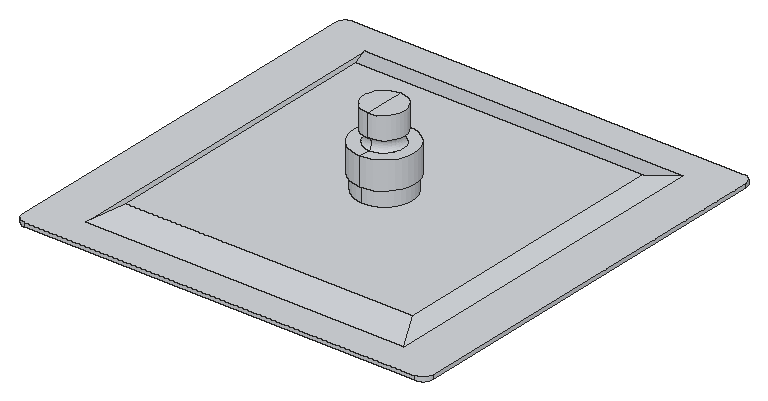
Revit family "BRG-GRF-DCH_ Briggs Reg. Cuad. Slim Inox Cr 20 cm", category Aparatos sanitarios, Revit 2020
Family settings
  Cota de conector redondo = Diámetro de uso
  Tipo de pieza = Normal
  Número OmniClass = 23.45.00.00
  Título OmniClass = Sanitary, Laundry, and Cleaning Equipment
  Se basa en plano de trabajo = No
  Siempre vertical = Sí
  Corte con vacíos al cargar = No
  Compartido = Sí
  Punto de cálculo de habitación = Sí
Parameters (values of type "Briggs Reg. Cuad. Slim Inox Cr 20 cm")
  _EDESA_ Sku/código = "SG0081013061CW"
  _EDESA_ Materiales = "Latón"
  _EDESA_ Garantía = "De por vida para el cuerpo principal y acabado en cromo (306)"
  _EDESA_ Cumple normativa ADA = ""
  _EDESA_ Contacto comercial = "(02) 395 2900"
  _EDESA_ Conexión hidráulica = "Entrada de agua: tubería ø 1/2\""
  _EDESA_ Certificación = "Cumple con norma NTE - INEN 3123 basada en la norma ASME 112.18.1 - 2012."
  _EDESA_ Productos necesarios para instalación = "Brazo de ducha"
  _EDESA_ Productos incluídos = ""
  _EDESA_ Color = "cromo"
  _EDESA_ Descripción = "Regadera de ducha"
  _EDESA_ Peso en kg = "1.8 kg"
  _EDESA_ Consumo/capacidad de agua en L = "9.5 litros por minuto / 2.5 gpm"
  _EDESA_ Distancia de instalación en cm (muro terminado) = "0"
  _EDESA_ Tipo de instalación = "Con brazo de ducha"
  _EDESA_ Profundidad en cm = "20"
  _EDESA_ Categoría = "Productos > Grifería > Ducha"
  _EDESA_ BIM Manager = "Arq. Milton Ruano"
  _EDESA_ Autor BIM = "www.bimplus.com.ec (bimplus.arquitectura.integrada@gmail.com)"
  _EDESA_ Ancho en cm = "20"
  _EDESA_ Alto en cm = "5.8"
  _EDESA_ Manual de Instalación = "https://www.briggs.com.ec/productos/instructivos/Briggs/Griferia/Regaderas_slim.pdf"
  _EDESA_ Nombre = "REGADERA CUADRADA SLIM 20 CM X 20 CM"
  _ALT_Eje instalación = 0.60 m
  _ALT_Basamento = 0.85 m
  URL = "https://www.briggs.com.ec/productos/fichastecnicaspdf/Briggs/Griferia/Regadera_cuadrada_slim_20_x_20.pdf"
  Modelo = "Briggs Reg. Cuad. Slim Inox Cr 20 cm"
  Imagen de tipo = <Ninguno>
  Fabricante = "BRIGGS Ecuador"
  Elevación por defecto = 0.00 m
  Conexión de ventilación = yes
  Conexión de residuos = yes
  Conexión AF = yes
  Conexión AC = yes
Reference planes (m)
  plane 1 "Centro (Frontal/Posterior)": y = 0
  plane 2: z = 0
  plane 3 "Centro (Izquierda/Derecha)": x = 0
Dimensions and locks (m)
  aligned and locked: level to plane 2
  aligned and locked: plane 3 "Centro (Izquierda/Derecha)" to nested 1
  aligned and locked: plane 1 "Centro (Frontal/Posterior)" to nested 1
Nested families (m)
  nested 1: "REJILLA" at (0, 0, 0), type "REJILLA"
Connectors (m)
  piping at (0, 0, 0), diameter 0.0127
    settings: on nested 1, index 1, connector inside diameter 609.6 mm, connector length 0.00 m, flow factor 0, pipe flow 0.0 L/s, pressure drop 0.0 Pa, fitting loss kfactor 0, connector angle 0.00°, fixture units 0, engagement length 0.00 m, angle of deflection 0.00°, flow configuration 0, flow direction 1, fitting loss method 0, system type 7, joint type 0, gender type 0, connector reference index -1, connector utility 0, adjustable connector no, is connector primary yes, connector description ""
Definition of nested family "REJILLA"
  Parameters (values of type "REJILLA")
    _EDESA_tipo genérico = "Inodoro"
    _EDESA_URL de ficha técnica = "https://edesa.com.ec/productos/fichastecnicaspdf/Edesa/Sanitarios/Andes.pdf"
    _EDESA_Imagen = 0
    _EDESA_Fábrica nacional = "EDESA Ecuador"
    _EDESA_Código de producto = "JS0022641301CE"
    _EDESA_ Tolerancia dimensional = "± 3% > 20 cm ± 5% < 20 cm"
    _EDESA_ Tipo de montaje / instalación = "30.5 cm"
    _EDESA_ Superficie del agua = "15.5 cm x 18.8 cm"
    _EDESA_ SKU = "JS0022641301CE"
    _EDESA_ Material secundario = "Plástico blanco"
    _EDESA_ Material principal = "Porcelana tono verde mist"
    _EDESA_ Altura = 72.80 m
    _EDESA_ Peso = "23.20 Kg"
    _EDESA_ Nivel mínimo del agua del tanque = "17.5 cm"
    _EDESA_ Largo = 67.50 m
    _EDESA_ Espesor mínimo = "0.6 cm"
    _EDESA_ Diámetro trampa = "4.8 cm"
    _EDESA_ Color = "Blanco"
    _EDESA_ Categoria = "Two pieces"
    _EDESA_ Capacidad / consumo de agua = "4.8 litros"
    _EDESA_ Ancho = 36.50 m
    _EDESA_ Altura de sello = "N/A"
    _ALT_Toma = 0.60 m
    _ALT_Meson = 0.85 m
    URL = "https://edesa.com.ec/productos/fichastecnicaspdf/Edesa/Sanitarios/Andes.pdf"
    Model = "_Edesa_ INODORO ANDES C/A BLANCO"
    Type Image = element 402100
    Manufacturer = "EDESA Ecuador"
    Default Elevation = 0.00 m
    Vent Connection = no
    Waste Connection = no
    CW Connection = no
    HW Connection = no
  Reference planes (m)
    plane 1 "Centro (Frontal/Posterior)": y = 0
    plane 2: z = 0
    plane 3 "Centro (Izquierda/Derecha)": x = 0
    plane 4 "_Alt_Altura de Meson": z = 0.85
    plane 5 "Centro I/E": z = 0.946565
    plane 6 "_RP_Eje": z = 0.6
  Forms (m)
    Revolve 1, solid
      sketch origin (0, 0, 0) x (0, 1, 0) y (0, 0, 1)
        loop
          line (0.013502, -0.041) -> (0.013502, -0.030134) -> (0.014708, -0.030134) -> (0.014708, -0.01672) -> (0.008975, -0.01672)
          arc (0.008975, -0.01672) -> (0.007666, -0.01346) -> (0.009885, -0.010736) r 0.003459
          line (0.009885, -0.010736) -> (0.009885, 0) -> (0, 0) -> (0, -0.041) -> (0.013502, -0.041)
        axis (0, -0.041) -> (0, 0)
      angle from 0 to 360
    Extrusion 2, solid
      sketch origin (0, 0, 0) x (1, 0, 0) y (0, 1, 0)
        loop
          arc (-0.1, -0.095) -> (-0.098536, -0.098536) -> (-0.095, -0.1) r 0.005
          line (-0.095, -0.1) -> (0.095, -0.1)
          arc (0.095, -0.1) -> (0.098536, -0.098536) -> (0.1, -0.095) r 0.005
          line (0.1, -0.095) -> (0.1, 0.095)
          arc (0.1, 0.095) -> (0.098536, 0.098536) -> (0.095, 0.1) r 0.005
          line (0.095, 0.1) -> (-0.095, 0.1)
          arc (-0.095, 0.1) -> (-0.098536, 0.098536) -> (-0.1, 0.095) r 0.005
          line (-0.1, 0.095) -> (-0.1, -0.095)
      from -0.04364 to -0.04164
    SweptBlend 3, solid
      path origin (0, 0, 0) x (0, 1, 0) y (0, 0, 1)
        loop
          line (0, -0.04164) -> (0, -0.03764)
      profile origin (0, 0, -0.04164) x (0, -1, 0) y (1, 0, 0)
        loop
          line (0.085, 0.0775) -> (-0.085, 0.0775) -> (-0.085, -0.0775) -> (0.085, -0.0775) -> (0.085, 0.0775)
      end profile origin (0, 0, -0.03764) x (0, -1, 0) y (1, 0, 0)
        loop
          line (0.07, -0.07) -> (0.07, 0.07) -> (-0.07, 0.07) -> (-0.07, -0.07) -> (0.07, -0.07)
    SweptBlend 4, solid, not visible
      path origin (-0.174116, -0.064, 0) x (-1, 0, 0) y (0, 0, 1)
        loop
          line (-0.110116, -0.059) -> (-0.110116, -0.056)
      profile origin (-0.064, -0.064, -0.059) x (1, 0, 0) y (0, 1, 0)
        loop
          circle (0, 0) r 0.0015
      end profile origin (-0.064, -0.064, -0.056) x (1, 0, 0) y (0, 1, 0)
        loop
          circle (0, 0) r 0.003
    SweptBlend 5, solid
      path origin (-0.190534, -0.082792, 0.01236) x (-1, 0, 0) y (0, 0, 1)
        loop
          line (-0.110116, -0.059) -> (-0.110116, -0.056)
      profile origin (-0.080418, -0.082792, -0.04664) x (1, 0, 0) y (0, 1, 0)
        loop
          circle (0, -0.000418) r 0.0015
      end profile origin (-0.080418, -0.082792, -0.04364) x (1, 0, 0) y (0, 1, 0)
        loop
          circle (0, -0.000418) r 0.003418
    SweptBlend 6, solid
      path origin (-0.170534, -0.082792, 0.01236) x (-1, 0, 0) y (0, 0, 1)
        loop
          line (-0.110116, -0.059) -> (-0.110116, -0.056)
      profile origin (-0.060418, -0.082792, -0.04664) x (1, 0, 0) y (0, 1, 0)
        loop
          circle (0, -0.000418) r 0.0015
      end profile origin (-0.060418, -0.082792, -0.04364) x (1, 0, 0) y (0, 1, 0)
        loop
          circle (0, -0.000418) r 0.003418
    SweptBlend 7, solid
      path origin (-0.150534, -0.082792, 0.01236) x (-1, 0, 0) y (0, 0, 1)
        loop
          line (-0.110116, -0.059) -> (-0.110116, -0.056)
      profile origin (-0.040418, -0.082792, -0.04664) x (1, 0, 0) y (0, 1, 0)
        loop
          circle (0, -0.000418) r 0.0015
      end profile origin (-0.040418, -0.082792, -0.04364) x (1, 0, 0) y (0, 1, 0)
        loop
          circle (0, -0.000418) r 0.003418
    SweptBlend 8, solid
      path origin (-0.130534, -0.082792, 0.01236) x (-1, 0, 0) y (0, 0, 1)
        loop
          line (-0.110116, -0.059) -> (-0.110116, -0.056)
      profile origin (-0.020418, -0.082792, -0.04664) x (1, 0, 0) y (0, 1, 0)
        loop
          circle (0, -0.000418) r 0.0015
      end profile origin (-0.020418, -0.082792, -0.04364) x (1, 0, 0) y (0, 1, 0)
        loop
          circle (0, -0.000418) r 0.003418
    SweptBlend 9, solid
      path origin (-0.110534, -0.082792, 0.01236) x (-1, 0, 0) y (0, 0, 1)
        loop
          line (-0.110116, -0.059) -> (-0.110116, -0.056)
      profile origin (-0.000418, -0.082792, -0.04664) x (1, 0, 0) y (0, 1, 0)
        loop
          circle (0, -0.000418) r 0.0015
      end profile origin (-0.000418, -0.082792, -0.04364) x (1, 0, 0) y (0, 1, 0)
        loop
          circle (0, -0.000418) r 0.003418
    SweptBlend 10, solid
      path origin (-0.090534, -0.082792, 0.01236) x (-1, 0, 0) y (0, 0, 1)
        loop
          line (-0.110116, -0.059) -> (-0.110116, -0.056)
      profile origin (0.019582, -0.082792, -0.04664) x (1, 0, 0) y (0, 1, 0)
        loop
          circle (0, -0.000418) r 0.0015
      end profile origin (0.019582, -0.082792, -0.04364) x (1, 0, 0) y (0, 1, 0)
        loop
          circle (0, -0.000418) r 0.003418
    SweptBlend 11, solid
      path origin (-0.070534, -0.082792, 0.01236) x (-1, 0, 0) y (0, 0, 1)
        loop
          line (-0.110116, -0.059) -> (-0.110116, -0.056)
      profile origin (0.039582, -0.082792, -0.04664) x (1, 0, 0) y (0, 1, 0)
        loop
          circle (0, -0.000418) r 0.0015
      end profile origin (0.039582, -0.082792, -0.04364) x (1, 0, 0) y (0, 1, 0)
        loop
          circle (0, -0.000418) r 0.003418
    SweptBlend 12, solid
      path origin (-0.050534, -0.082792, 0.01236) x (-1, 0, 0) y (0, 0, 1)
        loop
          line (-0.110116, -0.059) -> (-0.110116, -0.056)
      profile origin (0.059582, -0.082792, -0.04664) x (1, 0, 0) y (0, 1, 0)
        loop
          circle (0, -0.000418) r 0.0015
      end profile origin (0.059582, -0.082792, -0.04364) x (1, 0, 0) y (0, 1, 0)
        loop
          circle (0, -0.000418) r 0.003418
    SweptBlend 13, solid
      path origin (-0.030534, -0.082792, 0.01236) x (-1, 0, 0) y (0, 0, 1)
        loop
          line (-0.110116, -0.059) -> (-0.110116, -0.056)
      profile origin (0.079582, -0.082792, -0.04664) x (1, 0, 0) y (0, 1, 0)
        loop
          circle (0, -0.000418) r 0.0015
      end profile origin (0.079582, -0.082792, -0.04364) x (1, 0, 0) y (0, 1, 0)
        loop
          circle (0, -0.000418) r 0.003418
    SweptBlend 14, solid
      path origin (-0.190534, -0.062792, 0.01236) x (-1, 0, 0) y (0, 0, 1)
        loop
          line (-0.110116, -0.059) -> (-0.110116, -0.056)
      profile origin (-0.080418, -0.062792, -0.04664) x (1, 0, 0) y (0, 1, 0)
        loop
          circle (0, -0.000418) r 0.0015
      end profile origin (-0.080418, -0.062792, -0.04364) x (1, 0, 0) y (0, 1, 0)
        loop
          circle (0, -0.000418) r 0.003418
    SweptBlend 15, solid
      path origin (-0.170534, -0.062792, 0.01236) x (-1, 0, 0) y (0, 0, 1)
        loop
          line (-0.110116, -0.059) -> (-0.110116, -0.056)
      profile origin (-0.060418, -0.062792, -0.04664) x (1, 0, 0) y (0, 1, 0)
        loop
          circle (0, -0.000418) r 0.0015
      end profile origin (-0.060418, -0.062792, -0.04364) x (1, 0, 0) y (0, 1, 0)
        loop
          circle (0, -0.000418) r 0.003418
    SweptBlend 16, solid
      path origin (-0.150534, -0.062792, 0.01236) x (-1, 0, 0) y (0, 0, 1)
        loop
          line (-0.110116, -0.059) -> (-0.110116, -0.056)
      profile origin (-0.040418, -0.062792, -0.04664) x (1, 0, 0) y (0, 1, 0)
        loop
          circle (0, -0.000418) r 0.0015
      end profile origin (-0.040418, -0.062792, -0.04364) x (1, 0, 0) y (0, 1, 0)
        loop
          circle (0, -0.000418) r 0.003418
    SweptBlend 17, solid
      path origin (-0.130534, -0.062792, 0.01236) x (-1, 0, 0) y (0, 0, 1)
        loop
          line (-0.110116, -0.059) -> (-0.110116, -0.056)
      profile origin (-0.020418, -0.062792, -0.04664) x (1, 0, 0) y (0, 1, 0)
        loop
          circle (0, -0.000418) r 0.0015
      end profile origin (-0.020418, -0.062792, -0.04364) x (1, 0, 0) y (0, 1, 0)
        loop
          circle (0, -0.000418) r 0.003418
    SweptBlend 18, solid
      path origin (-0.110534, -0.062792, 0.01236) x (-1, 0, 0) y (0, 0, 1)
        loop
          line (-0.110116, -0.059) -> (-0.110116, -0.056)
      profile origin (-0.000418, -0.062792, -0.04664) x (1, 0, 0) y (0, 1, 0)
        loop
          circle (0, -0.000418) r 0.0015
      end profile origin (-0.000418, -0.062792, -0.04364) x (1, 0, 0) y (0, 1, 0)
        loop
          circle (0, -0.000418) r 0.003418
    SweptBlend 19, solid
      path origin (-0.090534, -0.062792, 0.01236) x (-1, 0, 0) y (0, 0, 1)
        loop
          line (-0.110116, -0.059) -> (-0.110116, -0.056)
      profile origin (0.019582, -0.062792, -0.04664) x (1, 0, 0) y (0, 1, 0)
        loop
          circle (0, -0.000418) r 0.0015
      end profile origin (0.019582, -0.062792, -0.04364) x (1, 0, 0) y (0, 1, 0)
        loop
          circle (0, -0.000418) r 0.003418
    SweptBlend 20, solid
      path origin (-0.070534, -0.062792, 0.01236) x (-1, 0, 0) y (0, 0, 1)
        loop
          line (-0.110116, -0.059) -> (-0.110116, -0.056)
      profile origin (0.039582, -0.062792, -0.04664) x (1, 0, 0) y (0, 1, 0)
        loop
          circle (0, -0.000418) r 0.0015
      end profile origin (0.039582, -0.062792, -0.04364) x (1, 0, 0) y (0, 1, 0)
        loop
          circle (0, -0.000418) r 0.003418
    SweptBlend 21, solid
      path origin (-0.050534, -0.062792, 0.01236) x (-1, 0, 0) y (0, 0, 1)
        loop
          line (-0.110116, -0.059) -> (-0.110116, -0.056)
      profile origin (0.059582, -0.062792, -0.04664) x (1, 0, 0) y (0, 1, 0)
        loop
          circle (0, -0.000418) r 0.0015
      end profile origin (0.059582, -0.062792, -0.04364) x (1, 0, 0) y (0, 1, 0)
        loop
          circle (0, -0.000418) r 0.003418
    SweptBlend 22, solid
      path origin (-0.030534, -0.062792, 0.01236) x (-1, 0, 0) y (0, 0, 1)
        loop
          line (-0.110116, -0.059) -> (-0.110116, -0.056)
      profile origin (0.079582, -0.062792, -0.04664) x (1, 0, 0) y (0, 1, 0)
        loop
          circle (0, -0.000418) r 0.0015
      end profile origin (0.079582, -0.062792, -0.04364) x (1, 0, 0) y (0, 1, 0)
        loop
          circle (0, -0.000418) r 0.003418
    SweptBlend 23, solid
      path origin (-0.190534, -0.042792, 0.01236) x (-1, 0, 0) y (0, 0, 1)
        loop
          line (-0.110116, -0.059) -> (-0.110116, -0.056)
      profile origin (-0.080418, -0.042792, -0.04664) x (1, 0, 0) y (0, 1, 0)
        loop
          circle (0, -0.000418) r 0.0015
      end profile origin (-0.080418, -0.042792, -0.04364) x (1, 0, 0) y (0, 1, 0)
        loop
          circle (0, -0.000418) r 0.003418
    SweptBlend 24, solid
      path origin (-0.170534, -0.042792, 0.01236) x (-1, 0, 0) y (0, 0, 1)
        loop
          line (-0.110116, -0.059) -> (-0.110116, -0.056)
      profile origin (-0.060418, -0.042792, -0.04664) x (1, 0, 0) y (0, 1, 0)
        loop
          circle (0, -0.000418) r 0.0015
      end profile origin (-0.060418, -0.042792, -0.04364) x (1, 0, 0) y (0, 1, 0)
        loop
          circle (0, -0.000418) r 0.003418
    SweptBlend 25, solid
      path origin (-0.150534, -0.042792, 0.01236) x (-1, 0, 0) y (0, 0, 1)
        loop
          line (-0.110116, -0.059) -> (-0.110116, -0.056)
      profile origin (-0.040418, -0.042792, -0.04664) x (1, 0, 0) y (0, 1, 0)
        loop
          circle (0, -0.000418) r 0.0015
      end profile origin (-0.040418, -0.042792, -0.04364) x (1, 0, 0) y (0, 1, 0)
        loop
          circle (0, -0.000418) r 0.003418
    SweptBlend 26, solid
      path origin (-0.130534, -0.042792, 0.01236) x (-1, 0, 0) y (0, 0, 1)
        loop
          line (-0.110116, -0.059) -> (-0.110116, -0.056)
      profile origin (-0.020418, -0.042792, -0.04664) x (1, 0, 0) y (0, 1, 0)
        loop
          circle (0, -0.000418) r 0.0015
      end profile origin (-0.020418, -0.042792, -0.04364) x (1, 0, 0) y (0, 1, 0)
        loop
          circle (0, -0.000418) r 0.003418
    SweptBlend 27, solid
      path origin (-0.110534, -0.042792, 0.01236) x (-1, 0, 0) y (0, 0, 1)
        loop
          line (-0.110116, -0.059) -> (-0.110116, -0.056)
      profile origin (-0.000418, -0.042792, -0.04664) x (1, 0, 0) y (0, 1, 0)
        loop
          circle (0, -0.000418) r 0.0015
      end profile origin (-0.000418, -0.042792, -0.04364) x (1, 0, 0) y (0, 1, 0)
        loop
          circle (0, -0.000418) r 0.003418
    SweptBlend 28, solid
      path origin (-0.090534, -0.042792, 0.01236) x (-1, 0, 0) y (0, 0, 1)
        loop
          line (-0.110116, -0.059) -> (-0.110116, -0.056)
      profile origin (0.019582, -0.042792, -0.04664) x (1, 0, 0) y (0, 1, 0)
        loop
          circle (0, -0.000418) r 0.0015
      end profile origin (0.019582, -0.042792, -0.04364) x (1, 0, 0) y (0, 1, 0)
        loop
          circle (0, -0.000418) r 0.003418
    SweptBlend 29, solid
      path origin (-0.070534, -0.042792, 0.01236) x (-1, 0, 0) y (0, 0, 1)
        loop
          line (-0.110116, -0.059) -> (-0.110116, -0.056)
      profile origin (0.039582, -0.042792, -0.04664) x (1, 0, 0) y (0, 1, 0)
        loop
          circle (0, -0.000418) r 0.0015
      end profile origin (0.039582, -0.042792, -0.04364) x (1, 0, 0) y (0, 1, 0)
        loop
          circle (0, -0.000418) r 0.003418
    SweptBlend 30, solid
      path origin (-0.050534, -0.042792, 0.01236) x (-1, 0, 0) y (0, 0, 1)
        loop
          line (-0.110116, -0.059) -> (-0.110116, -0.056)
      profile origin (0.059582, -0.042792, -0.04664) x (1, 0, 0) y (0, 1, 0)
        loop
          circle (0, -0.000418) r 0.0015
      end profile origin (0.059582, -0.042792, -0.04364) x (1, 0, 0) y (0, 1, 0)
        loop
          circle (0, -0.000418) r 0.003418
    SweptBlend 31, solid
      path origin (-0.030534, -0.042792, 0.01236) x (-1, 0, 0) y (0, 0, 1)
        loop
          line (-0.110116, -0.059) -> (-0.110116, -0.056)
      profile origin (0.079582, -0.042792, -0.04664) x (1, 0, 0) y (0, 1, 0)
        loop
          circle (0, -0.000418) r 0.0015
      end profile origin (0.079582, -0.042792, -0.04364) x (1, 0, 0) y (0, 1, 0)
        loop
          circle (0, -0.000418) r 0.003418
    SweptBlend 32, solid
      path origin (-0.190534, -0.022792, 0.01236) x (-1, 0, 0) y (0, 0, 1)
        loop
          line (-0.110116, -0.059) -> (-0.110116, -0.056)
      profile origin (-0.080418, -0.022792, -0.04664) x (1, 0, 0) y (0, 1, 0)
        loop
          circle (0, -0.000418) r 0.0015
      end profile origin (-0.080418, -0.022792, -0.04364) x (1, 0, 0) y (0, 1, 0)
        loop
          circle (0, -0.000418) r 0.003418
    SweptBlend 33, solid
      path origin (-0.170534, -0.022792, 0.01236) x (-1, 0, 0) y (0, 0, 1)
        loop
          line (-0.110116, -0.059) -> (-0.110116, -0.056)
      profile origin (-0.060418, -0.022792, -0.04664) x (1, 0, 0) y (0, 1, 0)
        loop
          circle (0, -0.000418) r 0.0015
      end profile origin (-0.060418, -0.022792, -0.04364) x (1, 0, 0) y (0, 1, 0)
        loop
          circle (0, -0.000418) r 0.003418
    SweptBlend 34, solid
      path origin (-0.150534, -0.022792, 0.01236) x (-1, 0, 0) y (0, 0, 1)
        loop
          line (-0.110116, -0.059) -> (-0.110116, -0.056)
      profile origin (-0.040418, -0.022792, -0.04664) x (1, 0, 0) y (0, 1, 0)
        loop
          circle (0, -0.000418) r 0.0015
      end profile origin (-0.040418, -0.022792, -0.04364) x (1, 0, 0) y (0, 1, 0)
        loop
          circle (0, -0.000418) r 0.003418
    SweptBlend 35, solid
      path origin (-0.130534, -0.022792, 0.01236) x (-1, 0, 0) y (0, 0, 1)
        loop
          line (-0.110116, -0.059) -> (-0.110116, -0.056)
      profile origin (-0.020418, -0.022792, -0.04664) x (1, 0, 0) y (0, 1, 0)
        loop
          circle (0, -0.000418) r 0.0015
      end profile origin (-0.020418, -0.022792, -0.04364) x (1, 0, 0) y (0, 1, 0)
        loop
          circle (0, -0.000418) r 0.003418
    SweptBlend 36, solid
      path origin (-0.110534, -0.022792, 0.01236) x (-1, 0, 0) y (0, 0, 1)
        loop
          line (-0.110116, -0.059) -> (-0.110116, -0.056)
      profile origin (-0.000418, -0.022792, -0.04664) x (1, 0, 0) y (0, 1, 0)
        loop
          circle (0, -0.000418) r 0.0015
      end profile origin (-0.000418, -0.022792, -0.04364) x (1, 0, 0) y (0, 1, 0)
        loop
          circle (0, -0.000418) r 0.003418
    SweptBlend 37, solid
      path origin (-0.090534, -0.022792, 0.01236) x (-1, 0, 0) y (0, 0, 1)
        loop
          line (-0.110116, -0.059) -> (-0.110116, -0.056)
      profile origin (0.019582, -0.022792, -0.04664) x (1, 0, 0) y (0, 1, 0)
        loop
          circle (0, -0.000418) r 0.0015
      end profile origin (0.019582, -0.022792, -0.04364) x (1, 0, 0) y (0, 1, 0)
        loop
          circle (0, -0.000418) r 0.003418
    SweptBlend 38, solid
      path origin (-0.070534, -0.022792, 0.01236) x (-1, 0, 0) y (0, 0, 1)
        loop
          line (-0.110116, -0.059) -> (-0.110116, -0.056)
      profile origin (0.039582, -0.022792, -0.04664) x (1, 0, 0) y (0, 1, 0)
        loop
          circle (0, -0.000418) r 0.0015
      end profile origin (0.039582, -0.022792, -0.04364) x (1, 0, 0) y (0, 1, 0)
        loop
          circle (0, -0.000418) r 0.003418
    SweptBlend 39, solid
      path origin (-0.050534, -0.022792, 0.01236) x (-1, 0, 0) y (0, 0, 1)
        loop
          line (-0.110116, -0.059) -> (-0.110116, -0.056)
      profile origin (0.059582, -0.022792, -0.04664) x (1, 0, 0) y (0, 1, 0)
        loop
          circle (0, -0.000418) r 0.0015
      end profile origin (0.059582, -0.022792, -0.04364) x (1, 0, 0) y (0, 1, 0)
        loop
          circle (0, -0.000418) r 0.003418
    SweptBlend 40, solid
      path origin (-0.030534, -0.022792, 0.01236) x (-1, 0, 0) y (0, 0, 1)
        loop
          line (-0.110116, -0.059) -> (-0.110116, -0.056)
      profile origin (0.079582, -0.022792, -0.04664) x (1, 0, 0) y (0, 1, 0)
        loop
          circle (0, -0.000418) r 0.0015
      end profile origin (0.079582, -0.022792, -0.04364) x (1, 0, 0) y (0, 1, 0)
        loop
          circle (0, -0.000418) r 0.003418
    SweptBlend 41, solid
      path origin (-0.190534, -0.002792, 0.01236) x (-1, 0, 0) y (0, 0, 1)
        loop
          line (-0.110116, -0.059) -> (-0.110116, -0.056)
      profile origin (-0.080418, -0.002792, -0.04664) x (1, 0, 0) y (0, 1, 0)
        loop
          circle (0, -0.000418) r 0.0015
      end profile origin (-0.080418, -0.002792, -0.04364) x (1, 0, 0) y (0, 1, 0)
        loop
          circle (0, -0.000418) r 0.003418
    SweptBlend 42, solid
      path origin (-0.170534, -0.002792, 0.01236) x (-1, 0, 0) y (0, 0, 1)
        loop
          line (-0.110116, -0.059) -> (-0.110116, -0.056)
      profile origin (-0.060418, -0.002792, -0.04664) x (1, 0, 0) y (0, 1, 0)
        loop
          circle (0, -0.000418) r 0.0015
      end profile origin (-0.060418, -0.002792, -0.04364) x (1, 0, 0) y (0, 1, 0)
        loop
          circle (0, -0.000418) r 0.003418
    SweptBlend 43, solid
      path origin (-0.150534, -0.002792, 0.01236) x (-1, 0, 0) y (0, 0, 1)
        loop
          line (-0.110116, -0.059) -> (-0.110116, -0.056)
      profile origin (-0.040418, -0.002792, -0.04664) x (1, 0, 0) y (0, 1, 0)
        loop
          circle (0, -0.000418) r 0.0015
      end profile origin (-0.040418, -0.002792, -0.04364) x (1, 0, 0) y (0, 1, 0)
        loop
          circle (0, -0.000418) r 0.003418
    SweptBlend 44, solid
      path origin (-0.130534, -0.002792, 0.01236) x (-1, 0, 0) y (0, 0, 1)
        loop
          line (-0.110116, -0.059) -> (-0.110116, -0.056)
      profile origin (-0.020418, -0.002792, -0.04664) x (1, 0, 0) y (0, 1, 0)
        loop
          circle (0, -0.000418) r 0.0015
      end profile origin (-0.020418, -0.002792, -0.04364) x (1, 0, 0) y (0, 1, 0)
        loop
          circle (0, -0.000418) r 0.003418
    SweptBlend 45, solid
      path origin (-0.110534, -0.002792, 0.01236) x (-1, 0, 0) y (0, 0, 1)
        loop
          line (-0.110116, -0.059) -> (-0.110116, -0.056)
      profile origin (-0.000418, -0.002792, -0.04664) x (1, 0, 0) y (0, 1, 0)
        loop
          circle (0, -0.000418) r 0.0015
      end profile origin (-0.000418, -0.002792, -0.04364) x (1, 0, 0) y (0, 1, 0)
        loop
          circle (0, -0.000418) r 0.003418
    SweptBlend 46, solid
      path origin (-0.090534, -0.002792, 0.01236) x (-1, 0, 0) y (0, 0, 1)
        loop
          line (-0.110116, -0.059) -> (-0.110116, -0.056)
      profile origin (0.019582, -0.002792, -0.04664) x (1, 0, 0) y (0, 1, 0)
        loop
          circle (0, -0.000418) r 0.0015
      end profile origin (0.019582, -0.002792, -0.04364) x (1, 0, 0) y (0, 1, 0)
        loop
          circle (0, -0.000418) r 0.003418
    SweptBlend 47, solid
      path origin (-0.070534, -0.002792, 0.01236) x (-1, 0, 0) y (0, 0, 1)
        loop
          line (-0.110116, -0.059) -> (-0.110116, -0.056)
      profile origin (0.039582, -0.002792, -0.04664) x (1, 0, 0) y (0, 1, 0)
        loop
          circle (0, -0.000418) r 0.0015
      end profile origin (0.039582, -0.002792, -0.04364) x (1, 0, 0) y (0, 1, 0)
        loop
          circle (0, -0.000418) r 0.003418
    SweptBlend 48, solid
      path origin (-0.050534, -0.002792, 0.01236) x (-1, 0, 0) y (0, 0, 1)
        loop
          line (-0.110116, -0.059) -> (-0.110116, -0.056)
      profile origin (0.059582, -0.002792, -0.04664) x (1, 0, 0) y (0, 1, 0)
        loop
          circle (0, -0.000418) r 0.0015
      end profile origin (0.059582, -0.002792, -0.04364) x (1, 0, 0) y (0, 1, 0)
        loop
          circle (0, -0.000418) r 0.003418
    SweptBlend 49, solid
      path origin (-0.030534, -0.002792, 0.01236) x (-1, 0, 0) y (0, 0, 1)
        loop
          line (-0.110116, -0.059) -> (-0.110116, -0.056)
      profile origin (0.079582, -0.002792, -0.04664) x (1, 0, 0) y (0, 1, 0)
        loop
          circle (0, -0.000418) r 0.0015
      end profile origin (0.079582, -0.002792, -0.04364) x (1, 0, 0) y (0, 1, 0)
        loop
          circle (0, -0.000418) r 0.003418
    SweptBlend 50, solid
      path origin (-0.190534, 0.017208, 0.01236) x (-1, 0, 0) y (0, 0, 1)
        loop
          line (-0.110116, -0.059) -> (-0.110116, -0.056)
      profile origin (-0.080418, 0.017208, -0.04664) x (1, 0, 0) y (0, 1, 0)
        loop
          circle (0, -0.000418) r 0.0015
      end profile origin (-0.080418, 0.017208, -0.04364) x (1, 0, 0) y (0, 1, 0)
        loop
          circle (0, -0.000418) r 0.003418
    SweptBlend 51, solid
      path origin (-0.170534, 0.017208, 0.01236) x (-1, 0, 0) y (0, 0, 1)
        loop
          line (-0.110116, -0.059) -> (-0.110116, -0.056)
      profile origin (-0.060418, 0.017208, -0.04664) x (1, 0, 0) y (0, 1, 0)
        loop
          circle (0, -0.000418) r 0.0015
      end profile origin (-0.060418, 0.017208, -0.04364) x (1, 0, 0) y (0, 1, 0)
        loop
          circle (0, -0.000418) r 0.003418
    SweptBlend 52, solid
      path origin (-0.150534, 0.017208, 0.01236) x (-1, 0, 0) y (0, 0, 1)
        loop
          line (-0.110116, -0.059) -> (-0.110116, -0.056)
      profile origin (-0.040418, 0.017208, -0.04664) x (1, 0, 0) y (0, 1, 0)
        loop
          circle (0, -0.000418) r 0.0015
      end profile origin (-0.040418, 0.017208, -0.04364) x (1, 0, 0) y (0, 1, 0)
        loop
          circle (0, -0.000418) r 0.003418
    SweptBlend 53, solid
      path origin (-0.130534, 0.017208, 0.01236) x (-1, 0, 0) y (0, 0, 1)
        loop
          line (-0.110116, -0.059) -> (-0.110116, -0.056)
      profile origin (-0.020418, 0.017208, -0.04664) x (1, 0, 0) y (0, 1, 0)
        loop
          circle (0, -0.000418) r 0.0015
      end profile origin (-0.020418, 0.017208, -0.04364) x (1, 0, 0) y (0, 1, 0)
        loop
          circle (0, -0.000418) r 0.003418
    SweptBlend 54, solid
      path origin (-0.110534, 0.017208, 0.01236) x (-1, 0, 0) y (0, 0, 1)
        loop
          line (-0.110116, -0.059) -> (-0.110116, -0.056)
      profile origin (-0.000418, 0.017208, -0.04664) x (1, 0, 0) y (0, 1, 0)
        loop
          circle (0, -0.000418) r 0.0015
      end profile origin (-0.000418, 0.017208, -0.04364) x (1, 0, 0) y (0, 1, 0)
        loop
          circle (0, -0.000418) r 0.003418
    SweptBlend 55, solid
      path origin (-0.090534, 0.017208, 0.01236) x (-1, 0, 0) y (0, 0, 1)
        loop
          line (-0.110116, -0.059) -> (-0.110116, -0.056)
      profile origin (0.019582, 0.017208, -0.04664) x (1, 0, 0) y (0, 1, 0)
        loop
          circle (0, -0.000418) r 0.0015
      end profile origin (0.019582, 0.017208, -0.04364) x (1, 0, 0) y (0, 1, 0)
        loop
          circle (0, -0.000418) r 0.003418
    SweptBlend 56, solid
      path origin (-0.070534, 0.017208, 0.01236) x (-1, 0, 0) y (0, 0, 1)
        loop
          line (-0.110116, -0.059) -> (-0.110116, -0.056)
      profile origin (0.039582, 0.017208, -0.04664) x (1, 0, 0) y (0, 1, 0)
        loop
          circle (0, -0.000418) r 0.0015
      end profile origin (0.039582, 0.017208, -0.04364) x (1, 0, 0) y (0, 1, 0)
        loop
          circle (0, -0.000418) r 0.003418
    SweptBlend 57, solid
      path origin (-0.050534, 0.017208, 0.01236) x (-1, 0, 0) y (0, 0, 1)
        loop
          line (-0.110116, -0.059) -> (-0.110116, -0.056)
      profile origin (0.059582, 0.017208, -0.04664) x (1, 0, 0) y (0, 1, 0)
        loop
          circle (0, -0.000418) r 0.0015
      end profile origin (0.059582, 0.017208, -0.04364) x (1, 0, 0) y (0, 1, 0)
        loop
          circle (0, -0.000418) r 0.003418
    SweptBlend 58, solid
      path origin (-0.030534, 0.017208, 0.01236) x (-1, 0, 0) y (0, 0, 1)
        loop
          line (-0.110116, -0.059) -> (-0.110116, -0.056)
      profile origin (0.079582, 0.017208, -0.04664) x (1, 0, 0) y (0, 1, 0)
        loop
          circle (0, -0.000418) r 0.0015
      end profile origin (0.079582, 0.017208, -0.04364) x (1, 0, 0) y (0, 1, 0)
        loop
          circle (0, -0.000418) r 0.003418
    SweptBlend 59, solid
      path origin (-0.190534, 0.037208, 0.01236) x (-1, 0, 0) y (0, 0, 1)
        loop
          line (-0.110116, -0.059) -> (-0.110116, -0.056)
      profile origin (-0.080418, 0.037208, -0.04664) x (1, 0, 0) y (0, 1, 0)
        loop
          circle (0, -0.000418) r 0.0015
      end profile origin (-0.080418, 0.037208, -0.04364) x (1, 0, 0) y (0, 1, 0)
        loop
          circle (0, -0.000418) r 0.003418
    SweptBlend 60, solid
      path origin (-0.170534, 0.037208, 0.01236) x (-1, 0, 0) y (0, 0, 1)
        loop
          line (-0.110116, -0.059) -> (-0.110116, -0.056)
      profile origin (-0.060418, 0.037208, -0.04664) x (1, 0, 0) y (0, 1, 0)
        loop
          circle (0, -0.000418) r 0.0015
      end profile origin (-0.060418, 0.037208, -0.04364) x (1, 0, 0) y (0, 1, 0)
        loop
          circle (0, -0.000418) r 0.003418
    SweptBlend 61, solid
      path origin (-0.150534, 0.037208, 0.01236) x (-1, 0, 0) y (0, 0, 1)
        loop
          line (-0.110116, -0.059) -> (-0.110116, -0.056)
      profile origin (-0.040418, 0.037208, -0.04664) x (1, 0, 0) y (0, 1, 0)
        loop
          circle (0, -0.000418) r 0.0015
      end profile origin (-0.040418, 0.037208, -0.04364) x (1, 0, 0) y (0, 1, 0)
        loop
          circle (0, -0.000418) r 0.003418
    SweptBlend 62, solid
      path origin (-0.130534, 0.037208, 0.01236) x (-1, 0, 0) y (0, 0, 1)
        loop
          line (-0.110116, -0.059) -> (-0.110116, -0.056)
      profile origin (-0.020418, 0.037208, -0.04664) x (1, 0, 0) y (0, 1, 0)
        loop
          circle (0, -0.000418) r 0.0015
      end profile origin (-0.020418, 0.037208, -0.04364) x (1, 0, 0) y (0, 1, 0)
        loop
          circle (0, -0.000418) r 0.003418
    SweptBlend 63, solid
      path origin (-0.110534, 0.037208, 0.01236) x (-1, 0, 0) y (0, 0, 1)
        loop
          line (-0.110116, -0.059) -> (-0.110116, -0.056)
      profile origin (-0.000418, 0.037208, -0.04664) x (1, 0, 0) y (0, 1, 0)
        loop
          circle (0, -0.000418) r 0.0015
      end profile origin (-0.000418, 0.037208, -0.04364) x (1, 0, 0) y (0, 1, 0)
        loop
          circle (0, -0.000418) r 0.003418
    SweptBlend 64, solid
      path origin (-0.090534, 0.037208, 0.01236) x (-1, 0, 0) y (0, 0, 1)
        loop
          line (-0.110116, -0.059) -> (-0.110116, -0.056)
      profile origin (0.019582, 0.037208, -0.04664) x (1, 0, 0) y (0, 1, 0)
        loop
          circle (0, -0.000418) r 0.0015
      end profile origin (0.019582, 0.037208, -0.04364) x (1, 0, 0) y (0, 1, 0)
        loop
          circle (0, -0.000418) r 0.003418
    SweptBlend 65, solid
      path origin (-0.070534, 0.037208, 0.01236) x (-1, 0, 0) y (0, 0, 1)
        loop
          line (-0.110116, -0.059) -> (-0.110116, -0.056)
      profile origin (0.039582, 0.037208, -0.04664) x (1, 0, 0) y (0, 1, 0)
        loop
          circle (0, -0.000418) r 0.0015
      end profile origin (0.039582, 0.037208, -0.04364) x (1, 0, 0) y (0, 1, 0)
        loop
          circle (0, -0.000418) r 0.003418
    SweptBlend 66, solid
      path origin (-0.050534, 0.037208, 0.01236) x (-1, 0, 0) y (0, 0, 1)
        loop
          line (-0.110116, -0.059) -> (-0.110116, -0.056)
      profile origin (0.059582, 0.037208, -0.04664) x (1, 0, 0) y (0, 1, 0)
        loop
          circle (0, -0.000418) r 0.0015
      end profile origin (0.059582, 0.037208, -0.04364) x (1, 0, 0) y (0, 1, 0)
        loop
          circle (0, -0.000418) r 0.003418
    SweptBlend 67, solid
      path origin (-0.030534, 0.037208, 0.01236) x (-1, 0, 0) y (0, 0, 1)
        loop
          line (-0.110116, -0.059) -> (-0.110116, -0.056)
      profile origin (0.079582, 0.037208, -0.04664) x (1, 0, 0) y (0, 1, 0)
        loop
          circle (0, -0.000418) r 0.0015
      end profile origin (0.079582, 0.037208, -0.04364) x (1, 0, 0) y (0, 1, 0)
        loop
          circle (0, -0.000418) r 0.003418
    SweptBlend 68, solid
      path origin (-0.190534, 0.057208, 0.01236) x (-1, 0, 0) y (0, 0, 1)
        loop
          line (-0.110116, -0.059) -> (-0.110116, -0.056)
      profile origin (-0.080418, 0.057208, -0.04664) x (1, 0, 0) y (0, 1, 0)
        loop
          circle (0, -0.000418) r 0.0015
      end profile origin (-0.080418, 0.057208, -0.04364) x (1, 0, 0) y (0, 1, 0)
        loop
          circle (0, -0.000418) r 0.003418
    SweptBlend 69, solid
      path origin (-0.170534, 0.057208, 0.01236) x (-1, 0, 0) y (0, 0, 1)
        loop
          line (-0.110116, -0.059) -> (-0.110116, -0.056)
      profile origin (-0.060418, 0.057208, -0.04664) x (1, 0, 0) y (0, 1, 0)
        loop
          circle (0, -0.000418) r 0.0015
      end profile origin (-0.060418, 0.057208, -0.04364) x (1, 0, 0) y (0, 1, 0)
        loop
          circle (0, -0.000418) r 0.003418
    SweptBlend 70, solid
      path origin (-0.150534, 0.057208, 0.01236) x (-1, 0, 0) y (0, 0, 1)
        loop
          line (-0.110116, -0.059) -> (-0.110116, -0.056)
      profile origin (-0.040418, 0.057208, -0.04664) x (1, 0, 0) y (0, 1, 0)
        loop
          circle (0, -0.000418) r 0.0015
      end profile origin (-0.040418, 0.057208, -0.04364) x (1, 0, 0) y (0, 1, 0)
        loop
          circle (0, -0.000418) r 0.003418
    SweptBlend 71, solid
      path origin (-0.130534, 0.057208, 0.01236) x (-1, 0, 0) y (0, 0, 1)
        loop
          line (-0.110116, -0.059) -> (-0.110116, -0.056)
      profile origin (-0.020418, 0.057208, -0.04664) x (1, 0, 0) y (0, 1, 0)
        loop
          circle (0, -0.000418) r 0.0015
      end profile origin (-0.020418, 0.057208, -0.04364) x (1, 0, 0) y (0, 1, 0)
        loop
          circle (0, -0.000418) r 0.003418
    SweptBlend 72, solid
      path origin (-0.110534, 0.057208, 0.01236) x (-1, 0, 0) y (0, 0, 1)
        loop
          line (-0.110116, -0.059) -> (-0.110116, -0.056)
      profile origin (-0.000418, 0.057208, -0.04664) x (1, 0, 0) y (0, 1, 0)
        loop
          circle (0, -0.000418) r 0.0015
      end profile origin (-0.000418, 0.057208, -0.04364) x (1, 0, 0) y (0, 1, 0)
        loop
          circle (0, -0.000418) r 0.003418
    SweptBlend 73, solid
      path origin (-0.090534, 0.057208, 0.01236) x (-1, 0, 0) y (0, 0, 1)
        loop
          line (-0.110116, -0.059) -> (-0.110116, -0.056)
      profile origin (0.019582, 0.057208, -0.04664) x (1, 0, 0) y (0, 1, 0)
        loop
          circle (0, -0.000418) r 0.0015
      end profile origin (0.019582, 0.057208, -0.04364) x (1, 0, 0) y (0, 1, 0)
        loop
          circle (0, -0.000418) r 0.003418
    SweptBlend 74, solid
      path origin (-0.070534, 0.057208, 0.01236) x (-1, 0, 0) y (0, 0, 1)
        loop
          line (-0.110116, -0.059) -> (-0.110116, -0.056)
      profile origin (0.039582, 0.057208, -0.04664) x (1, 0, 0) y (0, 1, 0)
        loop
          circle (0, -0.000418) r 0.0015
      end profile origin (0.039582, 0.057208, -0.04364) x (1, 0, 0) y (0, 1, 0)
        loop
          circle (0, -0.000418) r 0.003418
    SweptBlend 75, solid
      path origin (-0.050534, 0.057208, 0.01236) x (-1, 0, 0) y (0, 0, 1)
        loop
          line (-0.110116, -0.059) -> (-0.110116, -0.056)
      profile origin (0.059582, 0.057208, -0.04664) x (1, 0, 0) y (0, 1, 0)
        loop
          circle (0, -0.000418) r 0.0015
      end profile origin (0.059582, 0.057208, -0.04364) x (1, 0, 0) y (0, 1, 0)
        loop
          circle (0, -0.000418) r 0.003418
    SweptBlend 76, solid
      path origin (-0.030534, 0.057208, 0.01236) x (-1, 0, 0) y (0, 0, 1)
        loop
          line (-0.110116, -0.059) -> (-0.110116, -0.056)
      profile origin (0.079582, 0.057208, -0.04664) x (1, 0, 0) y (0, 1, 0)
        loop
          circle (0, -0.000418) r 0.0015
      end profile origin (0.079582, 0.057208, -0.04364) x (1, 0, 0) y (0, 1, 0)
        loop
          circle (0, -0.000418) r 0.003418
    SweptBlend 77, solid
      path origin (-0.190534, 0.077208, 0.01236) x (-1, 0, 0) y (0, 0, 1)
        loop
          line (-0.110116, -0.059) -> (-0.110116, -0.056)
      profile origin (-0.080418, 0.077208, -0.04664) x (1, 0, 0) y (0, 1, 0)
        loop
          circle (0, -0.000418) r 0.0015
      end profile origin (-0.080418, 0.077208, -0.04364) x (1, 0, 0) y (0, 1, 0)
        loop
          circle (0, -0.000418) r 0.003418
    SweptBlend 78, solid
      path origin (-0.170534, 0.077208, 0.01236) x (-1, 0, 0) y (0, 0, 1)
        loop
          line (-0.110116, -0.059) -> (-0.110116, -0.056)
      profile origin (-0.060418, 0.077208, -0.04664) x (1, 0, 0) y (0, 1, 0)
        loop
          circle (0, -0.000418) r 0.0015
      end profile origin (-0.060418, 0.077208, -0.04364) x (1, 0, 0) y (0, 1, 0)
        loop
          circle (0, -0.000418) r 0.003418
    SweptBlend 79, solid
      path origin (-0.150534, 0.077208, 0.01236) x (-1, 0, 0) y (0, 0, 1)
        loop
          line (-0.110116, -0.059) -> (-0.110116, -0.056)
      profile origin (-0.040418, 0.077208, -0.04664) x (1, 0, 0) y (0, 1, 0)
        loop
          circle (0, -0.000418) r 0.0015
      end profile origin (-0.040418, 0.077208, -0.04364) x (1, 0, 0) y (0, 1, 0)
        loop
          circle (0, -0.000418) r 0.003418
    SweptBlend 80, solid
      path origin (-0.130534, 0.077208, 0.01236) x (-1, 0, 0) y (0, 0, 1)
        loop
          line (-0.110116, -0.059) -> (-0.110116, -0.056)
      profile origin (-0.020418, 0.077208, -0.04664) x (1, 0, 0) y (0, 1, 0)
        loop
          circle (0, -0.000418) r 0.0015
      end profile origin (-0.020418, 0.077208, -0.04364) x (1, 0, 0) y (0, 1, 0)
        loop
          circle (0, -0.000418) r 0.003418
    SweptBlend 81, solid
      path origin (-0.110534, 0.077208, 0.01236) x (-1, 0, 0) y (0, 0, 1)
        loop
          line (-0.110116, -0.059) -> (-0.110116, -0.056)
      profile origin (-0.000418, 0.077208, -0.04664) x (1, 0, 0) y (0, 1, 0)
        loop
          circle (0, -0.000418) r 0.0015
      end profile origin (-0.000418, 0.077208, -0.04364) x (1, 0, 0) y (0, 1, 0)
        loop
          circle (0, -0.000418) r 0.003418
    SweptBlend 82, solid
      path origin (-0.090534, 0.077208, 0.01236) x (-1, 0, 0) y (0, 0, 1)
        loop
          line (-0.110116, -0.059) -> (-0.110116, -0.056)
      profile origin (0.019582, 0.077208, -0.04664) x (1, 0, 0) y (0, 1, 0)
        loop
          circle (0, -0.000418) r 0.0015
      end profile origin (0.019582, 0.077208, -0.04364) x (1, 0, 0) y (0, 1, 0)
        loop
          circle (0, -0.000418) r 0.003418
    SweptBlend 83, solid
      path origin (-0.070534, 0.077208, 0.01236) x (-1, 0, 0) y (0, 0, 1)
        loop
          line (-0.110116, -0.059) -> (-0.110116, -0.056)
      profile origin (0.039582, 0.077208, -0.04664) x (1, 0, 0) y (0, 1, 0)
        loop
          circle (0, -0.000418) r 0.0015
      end profile origin (0.039582, 0.077208, -0.04364) x (1, 0, 0) y (0, 1, 0)
        loop
          circle (0, -0.000418) r 0.003418
    SweptBlend 84, solid
      path origin (-0.050534, 0.077208, 0.01236) x (-1, 0, 0) y (0, 0, 1)
        loop
          line (-0.110116, -0.059) -> (-0.110116, -0.056)
      profile origin (0.059582, 0.077208, -0.04664) x (1, 0, 0) y (0, 1, 0)
        loop
          circle (0, -0.000418) r 0.0015
      end profile origin (0.059582, 0.077208, -0.04364) x (1, 0, 0) y (0, 1, 0)
        loop
          circle (0, -0.000418) r 0.003418
    SweptBlend 85, solid
      path origin (-0.030534, 0.077208, 0.01236) x (-1, 0, 0) y (0, 0, 1)
        loop
          line (-0.110116, -0.059) -> (-0.110116, -0.056)
      profile origin (0.079582, 0.077208, -0.04664) x (1, 0, 0) y (0, 1, 0)
        loop
          circle (0, -0.000418) r 0.0015
      end profile origin (0.079582, 0.077208, -0.04364) x (1, 0, 0) y (0, 1, 0)
        loop
          circle (0, -0.000418) r 0.003418
  Dimensions and locks (m)
    plane 4 "_Alt_Altura de Meson" to level = 0.85 m
    "_ALT_Toma": plane 6 "_RP_Eje" to plane 2
    "_ALT_Meson": plane 4 "_Alt_Altura de Meson" to plane 2
    aligned and locked: level to plane 2
  Automatic sketch dimensions
    Revolve 1 sketch curve to plane 1 "Centro (Frontal/Posterior)" = 0.00 m  (x2)
    level to Revolve 1 sketch curve = 0.115 m
    Revolve 1 sketch curve to Revolve 1 sketch curve = 0.05 m
    Extrusion 2 sketch curve to plane 3 "Centro (Izquierda/Derecha)" = 0.10 m
    Extrusion 2 sketch curve to Extrusion 2 sketch curve = 0.005 m  (x4)
    Extrusion 2 sketch curve to plane 1 "Centro (Frontal/Posterior)" = 0.095 m
    plane 3 "Centro (Izquierda/Derecha)" to Extrusion 2 sketch curve = 0.095 m
    plane 1 "Centro (Frontal/Posterior)" to Extrusion 2 sketch curve = 0.095 m
    profile plane to SweptBlend 3 sketch curve = 0.085 m
    SweptBlend 3 sketch curve to profile plane = 0.085 m
    SweptBlend 3 sketch curve to plane 3 "Centro (Izquierda/Derecha)" = 0.0775 m
    plane 3 "Centro (Izquierda/Derecha)" to SweptBlend 3 sketch curve = 0.0775 m
    profile plane to SweptBlend 3 sketch curve = 0.07 m
    plane 3 "Centro (Izquierda/Derecha)" to SweptBlend 3 sketch curve = 0.07 m
    SweptBlend 3 sketch curve to SweptBlend 3 sketch curve = 0.14 m
    SweptBlend 3 sketch curve to plane 3 "Centro (Izquierda/Derecha)" = 0.07 m
    SweptBlend 4 sketch curve to SweptBlend 4 sketch curve = 0.003 m
    SweptBlend 4 sketch curve to profile plane = 0.00 m  (x4)
    SweptBlend 5 sketch curve to SweptBlend 5 sketch curve = 0.003 m
    Revolve 1 sketch curve to level = 0.00 m
    Revolve 1 sketch curve to level = 0.041 m
    Revolve 1 sketch curve to Revolve 1 sketch curve = 0.0012 m
    Revolve 1 sketch curve to level = 0.01398 m
    Revolve 1 sketch curve to Revolve 1 sketch curve = 0.002111 m
    Revolve 1 sketch curve to plane 1 "Centro (Frontal/Posterior)" = 0.008975 m
    Revolve 1 sketch curve to Revolve 1 sketch curve = 0.003623 m
    Revolve 1 sketch curve to Revolve 1 sketch curve = 0.010866 m
    Revolve 1 sketch curve to Revolve 1 sketch curve = 0.004527 m
    Revolve 1 sketch curve to Revolve 1 sketch curve = 0.00274 m
    SweptBlend 3 sketch curve to plane 1 "Centro (Frontal/Posterior)" = 0.00 m
    SweptBlend 3 sketch curve to level = 0.04164 m
    SweptBlend 3 sketch curve to SweptBlend 3 sketch curve = 0.004 m
    SweptBlend 5 sketch curve to profile plane = 0.00 m
    SweptBlend 5 sketch curve to profile plane = 0.000418 m  (x2)
    profile plane to SweptBlend 5 sketch curve = 0.00 m
    SweptBlend 6 sketch curve to SweptBlend 6 sketch curve = 0.003 m
    SweptBlend 6 sketch curve to profile plane = 0.00 m
    SweptBlend 6 sketch curve to profile plane = 0.000418 m  (x2)
    profile plane to SweptBlend 6 sketch curve = 0.00 m
    SweptBlend 7 sketch curve to SweptBlend 7 sketch curve = 0.003 m
    SweptBlend 7 sketch curve to profile plane = 0.00 m
    SweptBlend 7 sketch curve to profile plane = 0.000418 m  (x2)
    profile plane to SweptBlend 7 sketch curve = 0.00 m
    SweptBlend 8 sketch curve to SweptBlend 8 sketch curve = 0.003 m
    SweptBlend 8 sketch curve to profile plane = 0.00 m
    SweptBlend 8 sketch curve to profile plane = 0.000418 m  (x2)
    profile plane to SweptBlend 8 sketch curve = 0.00 m
    SweptBlend 9 sketch curve to SweptBlend 9 sketch curve = 0.003 m
    SweptBlend 9 sketch curve to profile plane = 0.00 m
    SweptBlend 9 sketch curve to profile plane = 0.000418 m  (x2)
    profile plane to SweptBlend 9 sketch curve = 0.00 m
    SweptBlend 10 sketch curve to SweptBlend 10 sketch curve = 0.003 m
    SweptBlend 10 sketch curve to profile plane = 0.00 m
    SweptBlend 10 sketch curve to profile plane = 0.000418 m  (x2)
    profile plane to SweptBlend 10 sketch curve = 0.00 m
    SweptBlend 11 sketch curve to SweptBlend 11 sketch curve = 0.003 m
    SweptBlend 11 sketch curve to profile plane = 0.00 m
    SweptBlend 11 sketch curve to profile plane = 0.000418 m  (x2)
    profile plane to SweptBlend 11 sketch curve = 0.00 m
    SweptBlend 12 sketch curve to SweptBlend 12 sketch curve = 0.003 m
    SweptBlend 12 sketch curve to profile plane = 0.00 m
    SweptBlend 12 sketch curve to profile plane = 0.000418 m  (x2)
    profile plane to SweptBlend 12 sketch curve = 0.00 m
    SweptBlend 13 sketch curve to SweptBlend 13 sketch curve = 0.003 m
    SweptBlend 13 sketch curve to profile plane = 0.00 m
    SweptBlend 13 sketch curve to profile plane = 0.000418 m  (x2)
    profile plane to SweptBlend 13 sketch curve = 0.00 m
    SweptBlend 14 sketch curve to SweptBlend 14 sketch curve = 0.003 m
    SweptBlend 14 sketch curve to profile plane = 0.00 m
    SweptBlend 14 sketch curve to profile plane = 0.000418 m  (x2)
    profile plane to SweptBlend 14 sketch curve = 0.00 m
    SweptBlend 15 sketch curve to SweptBlend 15 sketch curve = 0.003 m
    SweptBlend 15 sketch curve to profile plane = 0.00 m
    SweptBlend 15 sketch curve to profile plane = 0.000418 m  (x2)
    profile plane to SweptBlend 15 sketch curve = 0.00 m
    SweptBlend 16 sketch curve to SweptBlend 16 sketch curve = 0.003 m
    SweptBlend 16 sketch curve to profile plane = 0.00 m
    SweptBlend 16 sketch curve to profile plane = 0.000418 m  (x2)
    profile plane to SweptBlend 16 sketch curve = 0.00 m
    SweptBlend 17 sketch curve to SweptBlend 17 sketch curve = 0.003 m
    SweptBlend 17 sketch curve to profile plane = 0.00 m
    SweptBlend 17 sketch curve to profile plane = 0.000418 m  (x2)
    profile plane to SweptBlend 17 sketch curve = 0.00 m
    SweptBlend 18 sketch curve to SweptBlend 18 sketch curve = 0.003 m
    SweptBlend 18 sketch curve to profile plane = 0.00 m
    SweptBlend 18 sketch curve to profile plane = 0.000418 m  (x2)
    profile plane to SweptBlend 18 sketch curve = 0.00 m
    SweptBlend 19 sketch curve to SweptBlend 19 sketch curve = 0.003 m
    SweptBlend 19 sketch curve to profile plane = 0.00 m
    SweptBlend 19 sketch curve to profile plane = 0.000418 m  (x2)
    profile plane to SweptBlend 19 sketch curve = 0.00 m
    SweptBlend 20 sketch curve to SweptBlend 20 sketch curve = 0.003 m
    SweptBlend 20 sketch curve to profile plane = 0.00 m
    SweptBlend 20 sketch curve to profile plane = 0.000418 m  (x2)
    profile plane to SweptBlend 20 sketch curve = 0.00 m
    SweptBlend 21 sketch curve to SweptBlend 21 sketch curve = 0.003 m
    SweptBlend 21 sketch curve to profile plane = 0.00 m
    SweptBlend 21 sketch curve to profile plane = 0.000418 m  (x2)
    profile plane to SweptBlend 21 sketch curve = 0.00 m
    SweptBlend 22 sketch curve to SweptBlend 22 sketch curve = 0.003 m
    SweptBlend 22 sketch curve to profile plane = 0.00 m
    SweptBlend 22 sketch curve to profile plane = 0.000418 m  (x2)
    profile plane to SweptBlend 22 sketch curve = 0.00 m
    SweptBlend 23 sketch curve to SweptBlend 23 sketch curve = 0.003 m
    SweptBlend 23 sketch curve to profile plane = 0.00 m
    SweptBlend 23 sketch curve to profile plane = 0.000418 m  (x2)
    profile plane to SweptBlend 23 sketch curve = 0.00 m
    SweptBlend 24 sketch curve to SweptBlend 24 sketch curve = 0.003 m
    SweptBlend 24 sketch curve to profile plane = 0.00 m
    SweptBlend 24 sketch curve to profile plane = 0.000418 m  (x2)
    profile plane to SweptBlend 24 sketch curve = 0.00 m
    SweptBlend 25 sketch curve to SweptBlend 25 sketch curve = 0.003 m
    SweptBlend 25 sketch curve to profile plane = 0.00 m
    SweptBlend 25 sketch curve to profile plane = 0.000418 m  (x2)
    profile plane to SweptBlend 25 sketch curve = 0.00 m
    SweptBlend 26 sketch curve to SweptBlend 26 sketch curve = 0.003 m
    SweptBlend 26 sketch curve to profile plane = 0.00 m
    SweptBlend 26 sketch curve to profile plane = 0.000418 m  (x2)
    profile plane to SweptBlend 26 sketch curve = 0.00 m
    SweptBlend 27 sketch curve to SweptBlend 27 sketch curve = 0.003 m
    SweptBlend 27 sketch curve to profile plane = 0.00 m
    SweptBlend 27 sketch curve to profile plane = 0.000418 m  (x2)
    profile plane to SweptBlend 27 sketch curve = 0.00 m
    SweptBlend 28 sketch curve to SweptBlend 28 sketch curve = 0.003 m
    SweptBlend 28 sketch curve to profile plane = 0.00 m
    SweptBlend 28 sketch curve to profile plane = 0.000418 m  (x2)
    profile plane to SweptBlend 28 sketch curve = 0.00 m
    SweptBlend 29 sketch curve to SweptBlend 29 sketch curve = 0.003 m
    SweptBlend 29 sketch curve to profile plane = 0.00 m
    SweptBlend 29 sketch curve to profile plane = 0.000418 m  (x2)
    profile plane to SweptBlend 29 sketch curve = 0.00 m
    SweptBlend 30 sketch curve to SweptBlend 30 sketch curve = 0.003 m
    SweptBlend 30 sketch curve to profile plane = 0.00 m
    SweptBlend 30 sketch curve to profile plane = 0.000418 m  (x2)
    profile plane to SweptBlend 30 sketch curve = 0.00 m
    SweptBlend 31 sketch curve to SweptBlend 31 sketch curve = 0.003 m
    SweptBlend 31 sketch curve to profile plane = 0.00 m
    SweptBlend 31 sketch curve to profile plane = 0.000418 m  (x2)
    profile plane to SweptBlend 31 sketch curve = 0.00 m
    SweptBlend 32 sketch curve to SweptBlend 32 sketch curve = 0.003 m
    SweptBlend 32 sketch curve to profile plane = 0.00 m
    SweptBlend 32 sketch curve to profile plane = 0.000418 m  (x2)
    profile plane to SweptBlend 32 sketch curve = 0.00 m
    SweptBlend 33 sketch curve to SweptBlend 33 sketch curve = 0.003 m
    SweptBlend 33 sketch curve to profile plane = 0.00 m
    SweptBlend 33 sketch curve to profile plane = 0.000418 m  (x2)
    profile plane to SweptBlend 33 sketch curve = 0.00 m
    SweptBlend 34 sketch curve to SweptBlend 34 sketch curve = 0.003 m
    SweptBlend 34 sketch curve to profile plane = 0.00 m
    SweptBlend 34 sketch curve to profile plane = 0.000418 m  (x2)
    profile plane to SweptBlend 34 sketch curve = 0.00 m
    SweptBlend 35 sketch curve to SweptBlend 35 sketch curve = 0.003 m
    SweptBlend 35 sketch curve to profile plane = 0.00 m
    SweptBlend 35 sketch curve to profile plane = 0.000418 m  (x2)
    profile plane to SweptBlend 35 sketch curve = 0.00 m
    SweptBlend 36 sketch curve to SweptBlend 36 sketch curve = 0.003 m
    SweptBlend 36 sketch curve to profile plane = 0.00 m
    SweptBlend 36 sketch curve to profile plane = 0.000418 m  (x2)
    profile plane to SweptBlend 36 sketch curve = 0.00 m
    SweptBlend 37 sketch curve to SweptBlend 37 sketch curve = 0.003 m
    SweptBlend 37 sketch curve to profile plane = 0.00 m
    SweptBlend 37 sketch curve to profile plane = 0.000418 m  (x2)
    profile plane to SweptBlend 37 sketch curve = 0.00 m
    SweptBlend 38 sketch curve to SweptBlend 38 sketch curve = 0.003 m
    SweptBlend 38 sketch curve to profile plane = 0.00 m
    SweptBlend 38 sketch curve to profile plane = 0.000418 m  (x2)
    profile plane to SweptBlend 38 sketch curve = 0.00 m
    SweptBlend 39 sketch curve to SweptBlend 39 sketch curve = 0.003 m
    SweptBlend 39 sketch curve to profile plane = 0.00 m
    SweptBlend 39 sketch curve to profile plane = 0.000418 m  (x2)
    profile plane to SweptBlend 39 sketch curve = 0.00 m
    SweptBlend 40 sketch curve to SweptBlend 40 sketch curve = 0.003 m
    SweptBlend 40 sketch curve to profile plane = 0.00 m
    SweptBlend 40 sketch curve to profile plane = 0.000418 m  (x2)
    profile plane to SweptBlend 40 sketch curve = 0.00 m
    SweptBlend 41 sketch curve to SweptBlend 41 sketch curve = 0.003 m
    SweptBlend 41 sketch curve to profile plane = 0.00 m
    SweptBlend 41 sketch curve to profile plane = 0.000418 m  (x2)
    profile plane to SweptBlend 41 sketch curve = 0.00 m
    SweptBlend 42 sketch curve to SweptBlend 42 sketch curve = 0.003 m
    SweptBlend 42 sketch curve to profile plane = 0.00 m
    SweptBlend 42 sketch curve to profile plane = 0.000418 m  (x2)
    profile plane to SweptBlend 42 sketch curve = 0.00 m
    SweptBlend 43 sketch curve to SweptBlend 43 sketch curve = 0.003 m
    SweptBlend 43 sketch curve to profile plane = 0.00 m
    SweptBlend 43 sketch curve to profile plane = 0.000418 m  (x2)
    profile plane to SweptBlend 43 sketch curve = 0.00 m
    SweptBlend 44 sketch curve to SweptBlend 44 sketch curve = 0.003 m
    SweptBlend 44 sketch curve to profile plane = 0.00 m
    SweptBlend 44 sketch curve to profile plane = 0.000418 m  (x2)
    profile plane to SweptBlend 44 sketch curve = 0.00 m
    SweptBlend 45 sketch curve to SweptBlend 45 sketch curve = 0.003 m
    SweptBlend 45 sketch curve to profile plane = 0.00 m
    SweptBlend 45 sketch curve to profile plane = 0.000418 m  (x2)
    profile plane to SweptBlend 45 sketch curve = 0.00 m
    SweptBlend 46 sketch curve to SweptBlend 46 sketch curve = 0.003 m
    SweptBlend 46 sketch curve to profile plane = 0.00 m
    SweptBlend 46 sketch curve to profile plane = 0.000418 m  (x2)
    profile plane to SweptBlend 46 sketch curve = 0.00 m
    SweptBlend 47 sketch curve to SweptBlend 47 sketch curve = 0.003 m
    SweptBlend 47 sketch curve to profile plane = 0.00 m
    SweptBlend 47 sketch curve to profile plane = 0.000418 m  (x2)
    profile plane to SweptBlend 47 sketch curve = 0.00 m
    SweptBlend 48 sketch curve to SweptBlend 48 sketch curve = 0.003 m
    SweptBlend 48 sketch curve to profile plane = 0.00 m
    SweptBlend 48 sketch curve to profile plane = 0.000418 m  (x2)
    profile plane to SweptBlend 48 sketch curve = 0.00 m
    SweptBlend 49 sketch curve to SweptBlend 49 sketch curve = 0.003 m
    SweptBlend 49 sketch curve to profile plane = 0.00 m
    SweptBlend 49 sketch curve to profile plane = 0.000418 m  (x2)
    profile plane to SweptBlend 49 sketch curve = 0.00 m
    SweptBlend 50 sketch curve to SweptBlend 50 sketch curve = 0.003 m
    SweptBlend 50 sketch curve to profile plane = 0.00 m
    SweptBlend 50 sketch curve to profile plane = 0.000418 m  (x2)
    profile plane to SweptBlend 50 sketch curve = 0.00 m
    SweptBlend 51 sketch curve to SweptBlend 51 sketch curve = 0.003 m
    SweptBlend 51 sketch curve to profile plane = 0.00 m
    SweptBlend 51 sketch curve to profile plane = 0.000418 m  (x2)
    profile plane to SweptBlend 51 sketch curve = 0.00 m
    SweptBlend 52 sketch curve to SweptBlend 52 sketch curve = 0.003 m
    SweptBlend 52 sketch curve to profile plane = 0.00 m
    SweptBlend 52 sketch curve to profile plane = 0.000418 m  (x2)
    profile plane to SweptBlend 52 sketch curve = 0.00 m
    SweptBlend 53 sketch curve to SweptBlend 53 sketch curve = 0.003 m
    SweptBlend 53 sketch curve to profile plane = 0.00 m
    SweptBlend 53 sketch curve to profile plane = 0.000418 m  (x2)
    profile plane to SweptBlend 53 sketch curve = 0.00 m
    SweptBlend 54 sketch curve to SweptBlend 54 sketch curve = 0.003 m
    SweptBlend 54 sketch curve to profile plane = 0.00 m
    SweptBlend 54 sketch curve to profile plane = 0.000418 m  (x2)
    profile plane to SweptBlend 54 sketch curve = 0.00 m
    SweptBlend 55 sketch curve to SweptBlend 55 sketch curve = 0.003 m
    SweptBlend 55 sketch curve to profile plane = 0.00 m
    SweptBlend 55 sketch curve to profile plane = 0.000418 m  (x2)
    profile plane to SweptBlend 55 sketch curve = 0.00 m
    SweptBlend 56 sketch curve to SweptBlend 56 sketch curve = 0.003 m
    SweptBlend 56 sketch curve to profile plane = 0.00 m
    SweptBlend 56 sketch curve to profile plane = 0.000418 m  (x2)
    profile plane to SweptBlend 56 sketch curve = 0.00 m
    SweptBlend 57 sketch curve to SweptBlend 57 sketch curve = 0.003 m
    SweptBlend 57 sketch curve to profile plane = 0.00 m
    SweptBlend 57 sketch curve to profile plane = 0.000418 m  (x2)
    profile plane to SweptBlend 57 sketch curve = 0.00 m
    SweptBlend 58 sketch curve to SweptBlend 58 sketch curve = 0.003 m
    SweptBlend 58 sketch curve to profile plane = 0.00 m
    SweptBlend 58 sketch curve to profile plane = 0.000418 m  (x2)
    profile plane to SweptBlend 58 sketch curve = 0.00 m
